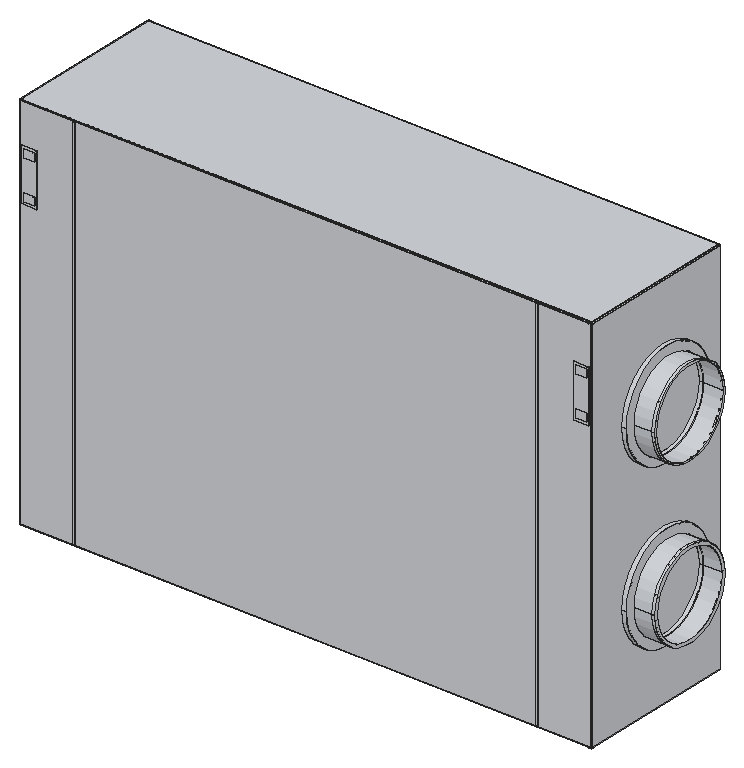
Revit family "Flexit Nordic CL 4 R E 800 L 230", category Mechanical Equipment, Revit 2018
Family settings
  Round Connector Dimension = Use Radius
  Part Type = Normal
  Work Plane-Based = No
  Always vertical = Yes
  Cut with Voids When Loaded = No
  Shared = No
  Room Calculation Point = No
Parameters
  magiProductId = "Flexit Nordic CL 4 R E 800 L 230"
  magiPartTypeId = 210
  magiFamilyGeom = MagiCAD_Flexit Nordic CL 4 R E 800 L 230 : MagiCAD_Flexit Nordic CL 4 R E 800 L 230
  Ytelse  SFP-sum vinter [instance] = "1.40 kJ/m³"
  Weight = 0.00 kg
  Vifte, tilluft  Vinter  Vifteinstilling [instance] = "58 %"
  Vifte, tilluft  Sommer  Vifteinstilling [instance] = ""
  Vifte, avtrekksluft  Vinter  Vifteinstilling [instance] = "59 %"
  Vifte, avtrekksluft  Sommer  Vifteinstilling [instance] = ""
  VersionID = "1.0/2021.0"
  Varmegjenvinning  Vinter  Komponentvirkningsgrad, tilluft (EN308) [instance] = "81.8 %"
  Varmegjenvinning  Sommer  Komponentvirkningsgrad, tilluft (EN308) [instance] = ""
  Varmegjenvinning  Sommer  Aggregatvirkningsgrad, tilluft (EN13141-7) [instance] = ""
  Uteluft [instance] = "160 mm"
  Tilluftskanal, vinter [instance] = "40 51 57 55 54 56 50 42 dB(A)"
  Tilluft  Trykkfall vinter [instance] = 100.0 Pa
  Tilluft  Luftmengde vinter [instance] = "0.0556 m³/s"
  Tilluft [instance] = "160 mm"
  Supply 1 Sound power level [instance] = "66 67 65 58 54 55 49 43 dB"
  Supply 1 Pressure drop min [instance] = 90.0 Pa
  Supply 1 Pressure drop max [instance] = 110.0 Pa
  Supply 1 Pressure drop [instance] = 100.0 Pa
  Supply 1 Airflow operation point min [instance] = 52.7778 L/s
  Supply 1 Airflow operation point max [instance] = 58.3333 L/s
  Supply 1 Airflow min [instance] = 22.0 L/s
  Supply 1 Airflow max [instance] = 113.0 L/s
  Supply 1 Airflow [instance] = 55.5556 L/s
  Resultater  Vekt [instance] = "62 kg"
  Productdata [instance] = "© MagiCAD Group, all rights reserved"
  Pressure rise, supply [instance] = 100.0 Pa
  Pressure rise, extract [instance] = 100.0 Pa
  Outdoor 1 Sound power level [instance] = "66 67 65 58 54 55 49 43 dB"
  Outdoor 1 Pressure drop min [instance] = 0.0 Pa
  Outdoor 1 Pressure drop max [instance] = 0.0 Pa
  Outdoor 1 Pressure drop [instance] = 0.0 Pa
  Outdoor 1 Airflow operation point min [instance] = 52.7778 L/s
  Outdoor 1 Airflow operation point max [instance] = 58.3333 L/s
  Outdoor 1 Airflow min [instance] = 22.0 L/s
  Outdoor 1 Airflow max [instance] = 113.0 L/s
  Outdoor 1 Airflow [instance] = 55.5556 L/s
  Omgivelse, vinter [instance] = "26 29 39 39 35 36 33 23 dB(A)"
  Kjøkkenkanal [instance] = "125 mm"
  Himling, vinter [instance] = "25 24 33 27 25 27 23 14 dB(A)"
  Generelt  Informasjon [instance] = ""
  Generelt  Beskrivelse / Plassering [instance] = ""
  Extract 9 Sound power level [instance] = "61 62 59 46 37 35 22 21 dB"
  Extract 9 Pressure drop min [instance] = 0.0 Pa
  Extract 9 Pressure drop max [instance] = 0.0 Pa
  Extract 9 Pressure drop [instance] = 0.0 Pa
  Extract 9 Airflow operation point min [instance] = 52.7778 L/s
  Extract 9 Airflow operation point max [instance] = 58.3333 L/s
  Extract 9 Airflow min [instance] = 22.0 L/s
  Extract 9 Airflow max [instance] = 113.0 L/s
  Extract 9 Airflow [instance] = 55.5556 L/s
  Extract 1 Sound power level [instance] = "61 62 59 46 37 35 22 21 dB"
  Extract 1 Pressure drop min [instance] = 90.0 Pa
  Extract 1 Pressure drop max [instance] = 110.0 Pa
  Extract 1 Pressure drop [instance] = 100.0 Pa
  Extract 1 Airflow operation point min [instance] = 52.7778 L/s
  Extract 1 Airflow operation point max [instance] = 58.3333 L/s
  Extract 1 Airflow min [instance] = 22.0 L/s
  Extract 1 Airflow max [instance] = 113.0 L/s
  Extract 1 Airflow [instance] = 55.5556 L/s
  Exhaust 1 Sound power level [instance] = "61 62 59 46 37 35 22 21 dB"
  Exhaust 1 Pressure drop min [instance] = 0.0 Pa
  Exhaust 1 Pressure drop max [instance] = 0.0 Pa
  Exhaust 1 Pressure drop [instance] = 0.0 Pa
  Exhaust 1 Airflow operation point min [instance] = 52.7778 L/s
  Exhaust 1 Airflow operation point max [instance] = 58.3333 L/s
  Exhaust 1 Airflow min [instance] = 22.0 L/s
  Exhaust 1 Airflow max [instance] = 113.0 L/s
  Exhaust 1 Airflow [instance] = 55.5556 L/s
  Dimensjoner [instance] = "1149x296x767 mm"
  Avtrekkskanal, vinter [instance] = "35 46 50 43 37 36 23 19 dB(A)"
  Avtrekk  Trykkfall vinter [instance] = 100.0 Pa
  Avtrekk  Luftmengde vinter [instance] = "0.0556 m³/s"
  Avtrekk [instance] = "160 mm"
  Avkast [instance] = "160 mm"
Reference planes
  plane 1 "Center (Front/Back)": y = 0
  plane 2: z = 0
  plane 3 "Center (Left/Right)": x = 0
Forms (mm)
  Extrusion 1, solid, not visible
    sketch origin (1149, 163, 267) x (0, 1, 0) y (0, 0, 1)
      loop
        line (15.24, 15.24) -> (-15.24, 15.24) -> (-15.24, -15.24) -> (15.24, -15.24) -> (15.24, 15.24)
    from 0 to -30.48
  Extrusion 2, solid, not visible
    sketch origin (0, 163, 567) x (0, -1, 0) y (0, 0, 1)
      loop
        line (-15.24, -15.24) -> (15.24, -15.24) -> (15.24, 15.24) -> (-15.24, 15.24) -> (-15.24, -15.24)
    from 0 to -30.48
  Extrusion 3, solid, not visible
    sketch origin (1149, 163, 567) x (0, 1, 0) y (0, 0, 1)
      loop
        line (15.24, 15.24) -> (-15.24, 15.24) -> (-15.24, -15.24) -> (15.24, -15.24) -> (15.24, 15.24)
    from 0 to -30.48
  Extrusion 4, solid, not visible
    sketch origin (288, 163, 0) x (0, 1, 0) y (1, 0, 0)
      loop
        line (-15.24, 15.24) -> (-15.24, -15.24) -> (15.24, -15.24) -> (15.24, 15.24) -> (-15.24, 15.24)
    from 0 to -30.48
  Extrusion 5, solid, not visible
    sketch origin (0, 163, 267) x (0, -1, 0) y (0, 0, 1)
      loop
        line (-15.24, -15.24) -> (15.24, -15.24) -> (15.24, 15.24) -> (-15.24, 15.24) -> (-15.24, -15.24)
    from 0 to -30.48
Text (mm)
  text "© MagiCAD Group, all rights reserved" at (-487.68, -1524, 0), in view "Ref. Level"
Nested families
  nested 1: "MagiCAD_Flexit Nordic CL 4 R E 800 L 230" at (0, 0, 0), type <- "magiFamilyGeom", type "MagiCAD_Flexit Nordic CL 4 R E 800 L 230"
Connectors
  hvac at (1149, 163, 267)
    settings: on Extrusion 1, index 1, duct flow 0.0 L/s, flow factor 0, pres drop 0.0 Pa, loss coef 0, conn angle 0.00°, conn width 304.8 mm, conn height 304.8 mm, conn diameter 160 mm, duct sys type 1, conn prof type 0, flow config 0, flow direction 2, loss method 0, conn ref index -1, conn util no, is conn primary yes, conn desc "Supply 1"
  hvac at (0, 163, 567)
    settings: on Extrusion 2, index 2, duct flow 0.0 L/s, flow factor 0, pres drop 0.0 Pa, loss coef 0, conn angle 0.00°, conn width 304.8 mm, conn height 304.8 mm, conn diameter 160 mm, duct sys type 1, conn prof type 0, flow config 0, flow direction 1, loss method 0, conn ref index -1, conn util no, is conn primary no, conn desc "Outdoor 1"
  hvac at (1149, 163, 567)
    settings: on Extrusion 3, index 3, duct flow 0.0 L/s, flow factor 0, pres drop 0.0 Pa, loss coef 0, conn angle 0.00°, conn width 304.8 mm, conn height 304.8 mm, conn diameter 160 mm, duct sys type 2, conn prof type 0, flow config 0, flow direction 1, loss method 0, conn ref index -1, conn util no, is conn primary no, conn desc "Extract 1"
  hvac at (288, 163, 0)
    settings: on Extrusion 4, index 4, duct flow 0.0 L/s, flow factor 0, pres drop 0.0 Pa, loss coef 0, conn angle 0.00°, conn width 304.8 mm, conn height 304.8 mm, conn diameter 125 mm, duct sys type 2, conn prof type 0, flow config 0, flow direction 1, loss method 0, conn ref index -1, conn util no, is conn primary no, conn desc "Extract 9"
  hvac at (0, 163, 267)
    settings: on Extrusion 5, index 5, duct flow 0.0 L/s, flow factor 0, pres drop 0.0 Pa, loss coef 0, conn angle 0.00°, conn width 304.8 mm, conn height 304.8 mm, conn diameter 160 mm, duct sys type 3, conn prof type 0, flow config 0, flow direction 2, loss method 0, conn ref index -1, conn util no, is conn primary no, conn desc "Exhaust 1"
Definition of nested family "MagiCAD_Flexit Nordic CL 4 R E 800 L 230"
  Reference planes
    plane 1 "Center (Front/Back)": y = 0
    plane 2: z = 0
    plane 3 "Center (Left/Right)": x = 0
  Forms (mm)
    Extrusion 1, solid
      sketch origin (49.5, 163, 267) x (0, -1, 0) y (0, 0, 1)
        loop
          circle (0, 0) r 79.9
      from 0 to 2
    Extrusion 2, void
      sketch origin (49.5, 163, 267) x (0, -1, 0) y (0, 0, 1)
        loop
          circle (0, 0) r 79.7
      from 0.2 to 2
    Extrusion 3, solid
      sketch origin (49.5, 163, 267) x (0, -1, 0) y (0, 0, 1)
        loop
          circle (0, 0) r 80
      from 0 to 49.5
    Extrusion 4, void
      sketch origin (49.5, 163, 267) x (0, -1, 0) y (0, 0, 1)
        loop
          circle (0, 0) r 79.8
      from 0 to 49.5
    Extrusion 5, solid
      sketch origin (49.5, 163, 267) x (0, -1, 0) y (0, 0, 1)
        loop
          circle (0, 0) r 96
      from 0 to 10
    Extrusion 6, void
      sketch origin (49.5, 163, 267) x (0, -1, 0) y (0, 0, 1)
        loop
          circle (0, 0) r 95.8
      from 0 to 10
    Extrusion 7, solid
      sketch origin (4.95, 163, 267) x (0, -1, 0) y (0, 0, 1)
        loop
          circle (0, 0) r 80.05
      from 0 to 4.95
    Extrusion 8, void
      sketch origin (4.95, 163, 267) x (0, -1, 0) y (0, 0, 1)
        loop
          circle (0, 0) r 79.85
      from 0 to 4.95
    Extrusion 9, solid
      sketch origin (1099.5, 163, 567) x (0, 1, 0) y (0, 0, 1)
        loop
          circle (0, 0) r 79.9
      from 0 to 2
    Extrusion 10, void
      sketch origin (1099.5, 163, 567) x (0, 1, 0) y (0, 0, 1)
        loop
          circle (0, 0) r 79.7
      from 0.2 to 2
    Extrusion 11, solid
      sketch origin (1099.5, 163, 567) x (0, 1, 0) y (0, 0, 1)
        loop
          circle (0, 0) r 80
      from 0 to 49.5
    Extrusion 12, void
      sketch origin (1099.5, 163, 567) x (0, 1, 0) y (0, 0, 1)
        loop
          circle (0, 0) r 79.8
      from 0 to 49.5
    Extrusion 13, solid
      sketch origin (1099.5, 163, 567) x (0, 1, 0) y (0, 0, 1)
        loop
          circle (0, 0) r 96
      from 0 to 10
    Extrusion 14, void
      sketch origin (1099.5, 163, 567) x (0, 1, 0) y (0, 0, 1)
        loop
          circle (0, 0) r 95.8
      from 0 to 10
    Extrusion 15, solid
      sketch origin (1144.05, 163, 567) x (0, 1, 0) y (0, 0, 1)
        loop
          circle (0, 0) r 80.05
      from 0 to 4.95
    Extrusion 16, void
      sketch origin (1144.05, 163, 567) x (0, 1, 0) y (0, 0, 1)
        loop
          circle (0, 0) r 79.85
      from 0 to 4.95
    Extrusion 17, solid
      sketch origin (49.5, 163, 567) x (0, -1, 0) y (0, 0, 1)
        loop
          circle (0, 0) r 79.9
      from 0 to 2
    Extrusion 18, void
      sketch origin (49.5, 163, 567) x (0, -1, 0) y (0, 0, 1)
        loop
          circle (0, 0) r 79.7
      from 0.2 to 2
    Extrusion 19, solid
      sketch origin (49.5, 163, 567) x (0, -1, 0) y (0, 0, 1)
        loop
          circle (0, 0) r 80
      from 0 to 49.5
    Extrusion 20, void
      sketch origin (49.5, 163, 567) x (0, -1, 0) y (0, 0, 1)
        loop
          circle (0, 0) r 79.8
      from 0 to 49.5
    Extrusion 21, solid
      sketch origin (49.5, 163, 567) x (0, -1, 0) y (0, 0, 1)
        loop
          circle (0, 0) r 96
      from 0 to 10
    Extrusion 22, void
      sketch origin (49.5, 163, 567) x (0, -1, 0) y (0, 0, 1)
        loop
          circle (0, 0) r 95.8
      from 0 to 10
    Extrusion 23, solid
      sketch origin (4.95, 163, 567) x (0, -1, 0) y (0, 0, 1)
        loop
          circle (0, 0) r 80.05
      from 0 to 4.95
    Extrusion 24, void
      sketch origin (4.95, 163, 567) x (0, -1, 0) y (0, 0, 1)
        loop
          circle (0, 0) r 79.85
      from 0 to 4.95
    Extrusion 25, solid
      sketch origin (1099.5, 163, 267) x (0, 1, 0) y (0, 0, 1)
        loop
          circle (0, 0) r 79.9
      from 0 to 2
    Extrusion 26, void
      sketch origin (1099.5, 163, 267) x (0, 1, 0) y (0, 0, 1)
        loop
          circle (0, 0) r 79.7
      from 0.2 to 2
    Extrusion 27, solid
      sketch origin (1099.5, 163, 267) x (0, 1, 0) y (0, 0, 1)
        loop
          circle (0, 0) r 80
      from 0 to 49.5
    Extrusion 28, void
      sketch origin (1099.5, 163, 267) x (0, 1, 0) y (0, 0, 1)
        loop
          circle (0, 0) r 79.8
      from 0 to 49.5
    Extrusion 29, solid
      sketch origin (1099.5, 163, 267) x (0, 1, 0) y (0, 0, 1)
        loop
          circle (0, 0) r 96
      from 0 to 10
    Extrusion 30, void
      sketch origin (1099.5, 163, 267) x (0, 1, 0) y (0, 0, 1)
        loop
          circle (0, 0) r 95.8
      from 0 to 10
    Extrusion 31, solid
      sketch origin (1144.05, 163, 267) x (0, 1, 0) y (0, 0, 1)
        loop
          circle (0, 0) r 80.05
      from 0 to 4.95
    Extrusion 32, void
      sketch origin (1144.05, 163, 267) x (0, 1, 0) y (0, 0, 1)
        loop
          circle (0, 0) r 79.85
      from 0 to 4.95
    Extrusion 33, solid
      sketch origin (288, 163, 67) x (0, 1, 0) y (1, 0, 0)
        loop
          circle (0, 0) r 62.4
      from 0 to 2
    Extrusion 34, void
      sketch origin (288, 163, 67) x (0, 1, 0) y (1, 0, 0)
        loop
          circle (0, 0) r 62.2
      from 0.2 to 2
    Extrusion 35, solid
      sketch origin (288, 163, 67) x (0, 1, 0) y (1, 0, 0)
        loop
          circle (0, 0) r 62.5
      from 0 to 67
    Extrusion 36, void
      sketch origin (288, 163, 67) x (0, 1, 0) y (1, 0, 0)
        loop
          circle (0, 0) r 62.3
      from 0 to 67
    Extrusion 37, solid
      sketch origin (288, 163, 67) x (0, 1, 0) y (1, 0, 0)
        loop
          circle (0, 0) r 75
      from 0 to 10
    Extrusion 38, void
      sketch origin (288, 163, 67) x (0, 1, 0) y (1, 0, 0)
        loop
          circle (0, 0) r 74.8
      from 0 to 10
    Extrusion 39, solid
      sketch origin (288, 163, 6.7) x (0, 1, 0) y (1, 0, 0)
        loop
          circle (0, 0) r 62.55
      from 0 to 6.7
    Extrusion 40, void
      sketch origin (288, 163, 6.7) x (0, 1, 0) y (1, 0, 0)
        loop
          circle (0, 0) r 62.35
      from 0 to 6.7
    Extrusion 41, solid
      sketch origin (39.5, 163, 267) x (0, -1, 0) y (0, 0, 1)
        loop
          circle (0, 0) r 80.05
        loop
          circle (0, 0) r 96
      from -0.1 to 0.1
    Extrusion 42, solid
      sketch origin (47.5, 163, 267) x (0, -1, 0) y (0, 0, 1)
        loop
          circle (0, 0) r 79.9
      from -0.1 to 0.1
    Extrusion 43, solid
      sketch origin (0, 163, 267) x (0, -1, 0) y (0, 0, 1)
        loop
          circle (0, 0) r 78
        loop
          circle (0, 0) r 80
      from -0.1 to 0.1
    Extrusion 44, solid
      sketch origin (1109.5, 163, 567) x (0, 1, 0) y (0, 0, 1)
        loop
          circle (0, 0) r 80.05
        loop
          circle (0, 0) r 96
      from -0.1 to 0.1
    Extrusion 45, solid
      sketch origin (1101.5, 163, 567) x (0, 1, 0) y (0, 0, 1)
        loop
          circle (0, 0) r 79.9
      from -0.1 to 0.1
    Extrusion 46, solid
      sketch origin (1149, 163, 567) x (0, 1, 0) y (0, 0, 1)
        loop
          circle (0, 0) r 78
        loop
          circle (0, 0) r 80
      from -0.1 to 0.1
    Extrusion 47, solid
      sketch origin (39.5, 163, 567) x (0, -1, 0) y (0, 0, 1)
        loop
          circle (0, 0) r 80.05
        loop
          circle (0, 0) r 96
      from -0.1 to 0.1
    Extrusion 48, solid
      sketch origin (47.5, 163, 567) x (0, -1, 0) y (0, 0, 1)
        loop
          circle (0, 0) r 79.9
      from -0.1 to 0.1
    Extrusion 49, solid
      sketch origin (0, 163, 567) x (0, -1, 0) y (0, 0, 1)
        loop
          circle (0, 0) r 78
        loop
          circle (0, 0) r 80
      from -0.1 to 0.1
    Extrusion 50, solid
      sketch origin (1109.5, 163, 267) x (0, 1, 0) y (0, 0, 1)
        loop
          circle (0, 0) r 80.05
        loop
          circle (0, 0) r 96
      from -0.1 to 0.1
    Extrusion 51, solid
      sketch origin (1101.5, 163, 267) x (0, 1, 0) y (0, 0, 1)
        loop
          circle (0, 0) r 79.9
      from -0.1 to 0.1
    Extrusion 52, solid
      sketch origin (1149, 163, 267) x (0, 1, 0) y (0, 0, 1)
        loop
          circle (0, 0) r 75.05
        loop
          circle (0, 0) r 80
      from -0.1 to 0.1
    Extrusion 53, solid
      sketch origin (288, 163, 57) x (0, 1, 0) y (1, 0, 0)
        loop
          circle (0, 0) r 62.55
        loop
          circle (0, 0) r 75
      from -0.1 to 0.1
    Extrusion 54, solid
      sketch origin (288, 163, 65) x (0, 1, 0) y (1, 0, 0)
        loop
          circle (0, 0) r 62.4
      from -0.1 to 0.1
    Extrusion 55, solid
      sketch origin (288, 163, 0) x (0, 1, 0) y (1, 0, 0)
        loop
          circle (0, 0) r 60.5
        loop
          circle (0, 0) r 62.5
      from -0.1 to 0.1
    Extrusion 56, solid
      sketch origin (51.5, 294, 765) x (1, 0, 0) y (0, 1, 0)
        loop
          line (1046, 0) -> (1046, 2) -> (0, 2) -> (0, 0) -> (1046, 0)
      from -0.1 to 0.1
    Extrusion 57, solid
      sketch origin (51.5, 294, 767) x (0, 0, 1) y (1, 0, 0)
        loop
          line (0, 1046) -> (-2, 1046) -> (-2, 0) -> (0, 0) -> (0, 1046)
      from -0.1 to 0.1
    Extrusion 58, solid
      sketch origin (51.5, 296, 765) x (1, 0, 0) y (0, -0.707107, 0.707107)
        loop
          line (1046, 0) -> (1046, 2.828) -> (0, 2.828) -> (0, 0) -> (1046, 0)
      from -0.1 to 0.1
    Extrusion 59, solid
      sketch origin (1097.5, 294, 765) x (0, 1, 0) y (0, 0, 1)
        loop
          line (2, 0) -> (0, 2) -> (0, 0) -> (2, 0)
      from -0.1 to 0.1
    Extrusion 60, solid
      sketch origin (51.5, 294, 765) x (0, 1, 0) y (0, 0, 1)
        loop
          line (2, 0) -> (0, 2) -> (0, 0) -> (2, 0)
      from -0.1 to 0.1
    Extrusion 61, solid
      sketch origin (51.5, 294, 69) x (0, 0, 1) y (1, 0, 0)
        loop
          line (0, 1046) -> (-2, 1046) -> (-2, 0) -> (0, 0) -> (0, 1046)
      from -0.1 to 0.1
    Extrusion 62, solid
      sketch origin (51.5, 296, 69) x (0, 1, 0) y (1, 0, 0)
        loop
          line (0, 1046) -> (-2, 1046) -> (-2, 0) -> (0, 0) -> (0, 1046)
      from -0.1 to 0.1
    Extrusion 63, solid
      sketch origin (51.5, 294, 67) x (1, 0, 0) y (0, 0.707107, 0.707107)
        loop
          line (1046, 0) -> (1046, 2.828) -> (0, 2.828) -> (0, 0) -> (1046, 0)
      from -0.1 to 0.1
    Extrusion 64, solid
      sketch origin (1097.5, 294, 69) x (0, 1, 0) y (0, 0, 1)
        loop
          line (0, -2) -> (2, 0) -> (0, 0) -> (0, -2)
      from -0.1 to 0.1
    Extrusion 65, solid
      sketch origin (51.5, 294, 69) x (0, 1, 0) y (0, 0, 1)
        loop
          line (0, -2) -> (2, 0) -> (0, 0) -> (0, -2)
      from -0.1 to 0.1
    Extrusion 66, solid
      sketch origin (1097.5, 294, 765) x (0, 1, 0) y (0, 0, 1)
        loop
          line (0, -696) -> (2, -696) -> (2, 0) -> (0, 0) -> (0, -696)
      from -0.1 to 0.1
    Extrusion 67, solid
      sketch origin (1099.5, 294, 765) x (0, 0, 1) y (1, 0, 0)
        loop
          line (-696, 0) -> (-696, -2) -> (0, -2) -> (0, 0) -> (-696, 0)
      from -0.1 to 0.1
    Extrusion 68, solid
      sketch origin (1097.5, 296, 765) x (0.707107, -0.707107, 0) y (0, 0, 1)
        loop
          line (0, -696) -> (2.828, -696) -> (2.828, 0) -> (0, 0) -> (0, -696)
      from -0.1 to 0.1
    Extrusion 69, solid
      sketch origin (1097.5, 294, 69) x (0, 1, 0) y (1, 0, 0)
        loop
          line (2, 0) -> (0, 2) -> (0, 0) -> (2, 0)
      from -0.1 to 0.1
    Extrusion 70, solid
      sketch origin (1097.5, 294, 765) x (0, 1, 0) y (1, 0, 0)
        loop
          line (2, 0) -> (0, 2) -> (0, 0) -> (2, 0)
      from -0.1 to 0.1
    Extrusion 71, solid
      sketch origin (51.5, 294, 765) x (0, 1, 0) y (0, 0, 1)
        loop
          line (0, -696) -> (2, -696) -> (2, 0) -> (0, 0) -> (0, -696)
      from -0.1 to 0.1
    Extrusion 72, solid
      sketch origin (49.5, 294, 765) x (0, 0, -1) y (1, 0, 0)
        loop
          line (696, 0) -> (696, 2) -> (0, 2) -> (0, 0) -> (696, 0)
      from -0.1 to 0.1
    Extrusion 73, solid
      sketch origin (51.5, 296, 765) x (0.707107, 0.707107, 0) y (0, 0, -1)
        loop
          line (0, 696) -> (-2.828, 696) -> (-2.828, 0) -> (0, 0) -> (0, 696)
      from -0.1 to 0.1
    Extrusion 74, solid
      sketch origin (51.5, 294, 69) x (1, 0, 0) y (0, 1, 0)
        loop
          line (0, 2) -> (-2, 0) -> (0, 0) -> (0, 2)
      from -0.1 to 0.1
    Extrusion 75, solid
      sketch origin (51.5, 294, 765) x (1, 0, 0) y (0, 1, 0)
        loop
          line (0, 2) -> (-2, 0) -> (0, 0) -> (0, 2)
      from -0.1 to 0.1
    Extrusion 76, solid
      sketch origin (1097.5, 2, 765) x (0, 0, -1) y (1, 0, 0)
        loop
          line (696, 0) -> (696, 2) -> (0, 2) -> (0, 0) -> (696, 0)
      from -0.1 to 0.1
    Extrusion 77, solid
      sketch origin (1097.5, 0, 765) x (0, 1, 0) y (0, 0, 1)
        loop
          line (0, -696) -> (2, -696) -> (2, 0) -> (0, 0) -> (0, -696)
      from -0.1 to 0.1
    Extrusion 78, solid
      sketch origin (1099.5, 2, 765) x (0.707107, 0.707107, 0) y (0, 0, -1)
        loop
          line (0, 696) -> (-2.828, 696) -> (-2.828, 0) -> (0, 0) -> (0, 696)
      from -0.1 to 0.1
    Extrusion 79, solid
      sketch origin (1097.5, 2, 69) x (0, 1, 0) y (1, 0, 0)
        loop
          line (0, 2) -> (-2, 0) -> (0, 0) -> (0, 2)
      from -0.1 to 0.1
    Extrusion 80, solid
      sketch origin (1097.5, 2, 765) x (0, 1, 0) y (1, 0, 0)
        loop
          line (0, 2) -> (-2, 0) -> (0, 0) -> (0, 2)
      from -0.1 to 0.1
    Extrusion 81, solid
      sketch origin (51.5, 2, 765) x (0, 0, 1) y (1, 0, 0)
        loop
          line (-696, 0) -> (-696, -2) -> (0, -2) -> (0, 0) -> (-696, 0)
      from -0.1 to 0.1
    Extrusion 82, solid
      sketch origin (51.5, 0, 765) x (0, 1, 0) y (0, 0, 1)
        loop
          line (0, -696) -> (2, -696) -> (2, 0) -> (0, 0) -> (0, -696)
      from -0.1 to 0.1
    Extrusion 83, solid
      sketch origin (49.5, 2, 765) x (0.707107, -0.707107, 0) y (0, 0, 1)
        loop
          line (0, -696) -> (2.828, -696) -> (2.828, 0) -> (0, 0) -> (0, -696)
      from -0.1 to 0.1
    Extrusion 84, solid
      sketch origin (51.5, 2, 69) x (1, 0, 0) y (0, 1, 0)
        loop
          line (-2, 0) -> (0, -2) -> (0, 0) -> (-2, 0)
      from -0.1 to 0.1
    Extrusion 85, solid
      sketch origin (51.5, 2, 765) x (1, 0, 0) y (0, 1, 0)
        loop
          line (-2, 0) -> (0, -2) -> (0, 0) -> (-2, 0)
      from -0.1 to 0.1
    Extrusion 86, solid
      sketch origin (51.5, 2, 765) x (0, 0, -1) y (1, 0, 0)
        loop
          line (0, 1046) -> (-2, 1046) -> (-2, 0) -> (0, 0) -> (0, 1046)
      from -0.1 to 0.1
    Extrusion 87, solid
      sketch origin (51.5, 0, 765) x (1, 0, 0) y (0, 1, 0)
        loop
          line (1046, 0) -> (1046, 2) -> (0, 2) -> (0, 0) -> (1046, 0)
      from -0.1 to 0.1
    Extrusion 88, solid
      sketch origin (51.5, 2, 767) x (1, 0, 0) y (0, -0.707107, -0.707107)
        loop
          line (1046, 0) -> (1046, 2.828) -> (0, 2.828) -> (0, 0) -> (1046, 0)
      from -0.1 to 0.1
    Extrusion 89, solid
      sketch origin (1097.5, 2, 765) x (0, 1, 0) y (0, 0, 1)
        loop
          line (0, 2) -> (-2, 0) -> (0, 0) -> (0, 2)
      from -0.1 to 0.1
    Extrusion 90, solid
      sketch origin (51.5, 2, 765) x (0, 1, 0) y (0, 0, 1)
        loop
          line (0, 2) -> (-2, 0) -> (0, 0) -> (0, 2)
      from -0.1 to 0.1
    Extrusion 91, solid
      sketch origin (51.5, 2, 69) x (0, 1, 0) y (1, 0, 0)
        loop
          line (0, 1046) -> (-2, 1046) -> (-2, 0) -> (0, 0) -> (0, 1046)
      from -0.1 to 0.1
    Extrusion 92, solid
      sketch origin (51.5, 2, 67) x (0, 0, -1) y (1, 0, 0)
        loop
          line (0, 1046) -> (-2, 1046) -> (-2, 0) -> (0, 0) -> (0, 1046)
      from -0.1 to 0.1
    Extrusion 93, solid
      sketch origin (51.5, 0, 69) x (1, 0, 0) y (0, 0.707107, -0.707107)
        loop
          line (1046, 0) -> (1046, 2.828) -> (0, 2.828) -> (0, 0) -> (1046, 0)
      from -0.1 to 0.1
    Extrusion 94, solid
      sketch origin (1097.5, 2, 69) x (0, 1, 0) y (0, 0, 1)
        loop
          line (-2, 0) -> (0, -2) -> (0, 0) -> (-2, 0)
      from -0.1 to 0.1
    Extrusion 95, solid
      sketch origin (51.5, 2, 69) x (0, 1, 0) y (0, 0, 1)
        loop
          line (-2, 0) -> (0, -2) -> (0, 0) -> (-2, 0)
      from -0.1 to 0.1
    Extrusion 96, solid
      sketch origin (1097.5, 2, 765) x (0, 1, 0) y (0, 0, 1)
        loop
          line (292, 0) -> (292, 2) -> (0, 2) -> (0, 0) -> (292, 0)
      from -0.1 to 0.1
    Extrusion 97, solid
      sketch origin (1099.5, 2, 765) x (1, 0, 0) y (0, 1, 0)
        loop
          line (0, 292) -> (-2, 292) -> (-2, 0) -> (0, 0) -> (0, 292)
      from -0.1 to 0.1
    Extrusion 98, solid
      sketch origin (1097.5, 2, 767) x (0.707107, 0, -0.707107) y (0, -1, 0)
        loop
          line (0, -292) -> (2.828, -292) -> (2.828, 0) -> (0, 0) -> (0, -292)
      from -0.1 to 0.1
    Extrusion 99, solid
      sketch origin (1097.5, 294, 765) x (0, 0, 1) y (1, 0, 0)
        loop
          line (2, 0) -> (0, 2) -> (0, 0) -> (2, 0)
      from -0.1 to 0.1
    Extrusion 100, solid
      sketch origin (1097.5, 2, 765) x (0, 0, 1) y (1, 0, 0)
        loop
          line (2, 0) -> (0, 2) -> (0, 0) -> (2, 0)
      from -0.1 to 0.1
    Extrusion 101, solid
      sketch origin (1097.5, 2, 69) x (0, 1, 0) y (1, 0, 0)
        loop
          line (292, 0) -> (292, 2) -> (0, 2) -> (0, 0) -> (292, 0)
      from -0.1 to 0.1
    Extrusion 102, solid
      sketch origin (1097.5, 2, 67) x (0, 1, 0) y (0, 0, 1)
        loop
          line (292, 0) -> (292, 2) -> (0, 2) -> (0, 0) -> (292, 0)
      from -0.1 to 0.1
    Extrusion 103, solid
      sketch origin (1099.5, 2, 69) x (0.707107, 0, 0.707107) y (0, 1, 0)
        loop
          line (0, 292) -> (-2.828, 292) -> (-2.828, 0) -> (0, 0) -> (0, 292)
      from -0.1 to 0.1
    Extrusion 104, solid
      sketch origin (1097.5, 294, 69) x (0, 0, 1) y (1, 0, 0)
        loop
          line (0, 2) -> (-2, 0) -> (0, 0) -> (0, 2)
      from -0.1 to 0.1
    Extrusion 105, solid
      sketch origin (1097.5, 2, 69) x (0, 0, 1) y (1, 0, 0)
        loop
          line (0, 2) -> (-2, 0) -> (0, 0) -> (0, 2)
      from -0.1 to 0.1
    Extrusion 106, solid
      sketch origin (51.5, 2, 765) x (0, 1, 0) y (0, 0, 1)
        loop
          line (292, 0) -> (292, 2) -> (0, 2) -> (0, 0) -> (292, 0)
      from -0.1 to 0.1
    Extrusion 107, solid
      sketch origin (49.5, 2, 765) x (0, 1, 0) y (1, 0, 0)
        loop
          line (292, 0) -> (292, 2) -> (0, 2) -> (0, 0) -> (292, 0)
      from -0.1 to 0.1
    Extrusion 108, solid
      sketch origin (51.5, 2, 767) x (0.707107, 0, 0.707107) y (0, 1, 0)
        loop
          line (0, 292) -> (-2.828, 292) -> (-2.828, 0) -> (0, 0) -> (0, 292)
      from -0.1 to 0.1
    Extrusion 109, solid
      sketch origin (51.5, 294, 765) x (0, 0, -1) y (1, 0, 0)
        loop
          line (-2, 0) -> (0, -2) -> (0, 0) -> (-2, 0)
      from -0.1 to 0.1
    Extrusion 110, solid
      sketch origin (51.5, 2, 765) x (0, 0, -1) y (1, 0, 0)
        loop
          line (-2, 0) -> (0, -2) -> (0, 0) -> (-2, 0)
      from -0.1 to 0.1
    Extrusion 111, solid
      sketch origin (51.5, 2, 69) x (1, 0, 0) y (0, 1, 0)
        loop
          line (0, 292) -> (-2, 292) -> (-2, 0) -> (0, 0) -> (0, 292)
      from -0.1 to 0.1
    Extrusion 112, solid
      sketch origin (51.5, 2, 67) x (0, 1, 0) y (0, 0, 1)
        loop
          line (292, 0) -> (292, 2) -> (0, 2) -> (0, 0) -> (292, 0)
      from -0.1 to 0.1
    Extrusion 113, solid
      sketch origin (49.5, 2, 69) x (0.707107, 0, -0.707107) y (0, -1, 0)
        loop
          line (0, -292) -> (2.828, -292) -> (2.828, 0) -> (0, 0) -> (0, -292)
      from -0.1 to 0.1
    Extrusion 114, solid
      sketch origin (51.5, 294, 69) x (0, 0, -1) y (1, 0, 0)
        loop
          line (0, -2) -> (2, 0) -> (0, 0) -> (0, -2)
      from -0.1 to 0.1
    Extrusion 115, solid
      sketch origin (51.5, 2, 69) x (0, 0, -1) y (1, 0, 0)
        loop
          line (0, -2) -> (2, 0) -> (0, 0) -> (0, -2)
      from -0.1 to 0.1
    Extrusion 116, solid
      sketch origin (51.5, 2, 765) x (0, -1, 0) y (0, 0, 1)
        loop
          line (0, 2) -> (-292, 2) -> (-292, 0) -> (0, 0) -> (0, 2)
      from -0.1 to 0.1
    Extrusion 117, solid
      sketch origin (1097.5, 2, 765) x (0, 0, -1) y (1, 0, 0)
        loop
          line (-2, 0) -> (-2, -1046) -> (0, -1046) -> (0, 0) -> (-2, 0)
      from -0.1 to 0.1
    Extrusion 118, solid
      sketch origin (1097.5, 294, 765) x (0, 1, 0) y (0, 0, 1)
        loop
          line (0, 2) -> (-292, 2) -> (-292, 0) -> (0, 0) -> (0, 2)
      from -0.1 to 0.1
    Extrusion 119, solid
      sketch origin (51.5, 294, 765) x (0, 0, 1) y (1, 0, 0)
        loop
          line (2, 0) -> (2, 1046) -> (0, 1046) -> (0, 0) -> (2, 0)
      from -0.1 to 0.1
    Extrusion 120, solid
      sketch origin (1097.5, 2, 767) x (1, 0, 0) y (0, 1, 0)
        loop
          line (0, 292) -> (-1046, 292) -> (-1046, 0) -> (0, 0) -> (0, 292)
      from -0.1 to 0.1
    Extrusion 121, solid
      sketch origin (1097.5, 2, 765) x (1, 0, 0) y (0, 1, 0)
        loop
          line (0, 292) -> (-1046, 292) -> (-1046, 0) -> (0, 0) -> (0, 292)
      from -0.1 to 0.1
    Extrusion 122, solid
      sketch origin (51.5, 2, 69) x (0, 0, 1) y (1, 0, 0)
        loop
          line (0, -2) -> (696, -2) -> (696, 0) -> (0, 0) -> (0, -2)
      from -0.1 to 0.1
    Extrusion 123, solid
      sketch origin (51.5, 294, 69) x (1, 0, 0) y (0, 1, 0)
        loop
          line (-2, 0) -> (-2, -292) -> (0, -292) -> (0, 0) -> (-2, 0)
      from -0.1 to 0.1
    Extrusion 124, solid
      sketch origin (51.5, 294, 765) x (0, 0, -1) y (1, 0, 0)
        loop
          line (0, -2) -> (696, -2) -> (696, 0) -> (0, 0) -> (0, -2)
      from -0.1 to 0.1
    Extrusion 125, solid
      sketch origin (51.5, 2, 765) x (0, 1, 0) y (1, 0, 0)
        loop
          line (0, -2) -> (292, -2) -> (292, 0) -> (0, 0) -> (0, -2)
      from -0.1 to 0.1
    Extrusion 126, solid
      sketch origin (49.5, 2, 69) x (0, -1, 0) y (0, 0, 1)
        loop
          line (0, 696) -> (-292, 696) -> (-292, 0) -> (0, 0) -> (0, 696)
      from -0.1 to 0.1
    Extrusion 127, solid
      sketch origin (51.5, 2, 69) x (0, -1, 0) y (0, 0, 1)
        loop
          line (0, 696) -> (-292, 696) -> (-292, 0) -> (0, 0) -> (0, 696)
      from -0.1 to 0.1
    Extrusion 128, solid
      sketch origin (51.5, 294, 69) x (0, 1, 0) y (0, 0, 1)
        loop
          line (2, 0) -> (2, 696) -> (0, 696) -> (0, 0) -> (2, 0)
      from -0.1 to 0.1
    Extrusion 129, solid
      sketch origin (1097.5, 294, 69) x (1, 0, 0) y (0, 1, 0)
        loop
          line (0, 2) -> (-1046, 2) -> (-1046, 0) -> (0, 0) -> (0, 2)
      from -0.1 to 0.1
    Extrusion 130, solid
      sketch origin (1097.5, 294, 765) x (0, -1, 0) y (0, 0, 1)
        loop
          line (-2, 0) -> (-2, -696) -> (0, -696) -> (0, 0) -> (-2, 0)
      from -0.1 to 0.1
    Extrusion 131, solid
      sketch origin (51.5, 294, 765) x (0, 1, 0) y (1, 0, 0)
        loop
          line (2, 0) -> (2, 1046) -> (0, 1046) -> (0, 0) -> (2, 0)
      from -0.1 to 0.1
    Extrusion 132, solid
      sketch origin (51.5, 296, 69) x (0, 0, 1) y (1, 0, 0)
        loop
          line (696, 0) -> (696, 1046) -> (0, 1046) -> (0, 0) -> (696, 0)
      from -0.1 to 0.1
    Extrusion 133, solid
      sketch origin (51.5, 294, 69) x (0, 0, 1) y (1, 0, 0)
        loop
          line (696, 0) -> (696, 1046) -> (0, 1046) -> (0, 0) -> (696, 0)
      from -0.1 to 0.1
    Extrusion 134, solid
      sketch origin (1097.5, 294, 69) x (0, 0, -1) y (1, 0, 0)
        loop
          line (0, 2) -> (-696, 2) -> (-696, 0) -> (0, 0) -> (0, 2)
      from -0.1 to 0.1
    Extrusion 135, solid
      sketch origin (1097.5, 2, 69) x (1, 0, 0) y (0, 1, 0)
        loop
          line (2, 0) -> (2, 292) -> (0, 292) -> (0, 0) -> (2, 0)
      from -0.1 to 0.1
    Extrusion 136, solid
      sketch origin (1097.5, 2, 765) x (0, 0, 1) y (1, 0, 0)
        loop
          line (0, 2) -> (-696, 2) -> (-696, 0) -> (0, 0) -> (0, 2)
      from -0.1 to 0.1
    Extrusion 137, solid
      sketch origin (1097.5, 294, 765) x (0, 1, 0) y (1, 0, 0)
        loop
          line (0, 2) -> (-292, 2) -> (-292, 0) -> (0, 0) -> (0, 2)
      from -0.1 to 0.1
    Extrusion 138, solid
      sketch origin (1099.5, 294, 69) x (0, 1, 0) y (0, 0, 1)
        loop
          line (0, 696) -> (-292, 696) -> (-292, 0) -> (0, 0) -> (0, 696)
      from -0.1 to 0.1
    Extrusion 139, solid
      sketch origin (1097.5, 294, 69) x (0, 1, 0) y (0, 0, 1)
        loop
          line (0, 696) -> (-292, 696) -> (-292, 0) -> (0, 0) -> (0, 696)
      from -0.1 to 0.1
    Extrusion 140, solid
      sketch origin (51.5, 2, 69) x (0, 1, 0) y (0, 0, 1)
        loop
          line (0, -2) -> (292, -2) -> (292, 0) -> (0, 0) -> (0, -2)
      from -0.1 to 0.1
    Extrusion 141, solid
      sketch origin (1097.5, 2, 69) x (0, 0, 1) y (1, 0, 0)
        loop
          line (-2, 0) -> (-2, -1046) -> (0, -1046) -> (0, 0) -> (-2, 0)
      from -0.1 to 0.1
    Extrusion 142, solid
      sketch origin (1097.5, 294, 69) x (0, -1, 0) y (0, 0, 1)
        loop
          line (0, -2) -> (292, -2) -> (292, 0) -> (0, 0) -> (0, -2)
      from -0.1 to 0.1
    Extrusion 143, solid
      sketch origin (51.5, 294, 69) x (0, 0, -1) y (1, 0, 0)
        loop
          line (2, 0) -> (2, 1046) -> (0, 1046) -> (0, 0) -> (2, 0)
      from -0.1 to 0.1
    Extrusion 144, solid
      sketch origin (51.5, 2, 67) x (0, 1, 0) y (1, 0, 0)
        loop
          line (292, 0) -> (292, 1046) -> (0, 1046) -> (0, 0) -> (292, 0)
      from -0.1 to 0.1
    Extrusion 145, solid
      sketch origin (51.5, 2, 69) x (0, 1, 0) y (1, 0, 0)
        loop
          line (292, 0) -> (292, 1046) -> (0, 1046) -> (0, 0) -> (292, 0)
      from -0.1 to 0.1
    Extrusion 146, solid
      sketch origin (1097.5, 296, 765) x (0.816497, -0.408248, -0.408248) y (0, -0.707107, 0.707107)
        loop
          line (2.449, 1.414) -> (0, 2.828) -> (0, 0) -> (2.449, 1.414)
      from -0.1 to 0.1
    Extrusion 147, solid
      sketch origin (1097.5, 2, 67) x (0.816497, 0.408248, 0.408248) y (0, 0.707107, -0.707107)
        loop
          line (0, -2.828) -> (2.449, -1.414) -> (0, 0) -> (0, -2.828)
      from -0.1 to 0.1
    Extrusion 148, solid
      sketch origin (1099.5, 2, 765) x (0.816497, 0.408248, -0.408248) y (0, 0.707107, 0.707107)
        loop
          line (-2.449, 1.414) -> (-2.449, -1.414) -> (0, 0) -> (-2.449, 1.414)
      from -0.1 to 0.1
    Extrusion 149, solid
      sketch origin (51.5, 296, 765) x (0.816497, 0.408248, 0.408248) y (0, 0.707107, -0.707107)
        loop
          line (-2.449, -1.414) -> (0, -2.828) -> (0, 0) -> (-2.449, -1.414)
      from -0.1 to 0.1
    Extrusion 150, solid
      sketch origin (49.5, 294, 69) x (0.816497, 0.408248, -0.408248) y (0, -0.707107, -0.707107)
        loop
          line (2.449, -1.414) -> (2.449, 1.414) -> (0, 0) -> (2.449, -1.414)
      from -0.1 to 0.1
    Extrusion 151, solid
      sketch origin (49.5, 2, 765) x (0.816497, -0.408248, 0.408248) y (0, 0.707107, 0.707107)
        loop
          line (2.449, -1.414) -> (2.449, 1.414) -> (0, 0) -> (2.449, -1.414)
      from -0.1 to 0.1
    Extrusion 152, solid
      sketch origin (1097.5, 0, 765) x (0, 0, -1) y (1, 0, 0)
        loop
          line (0, -1046) -> (696, -1046) -> (696, 0) -> (0, 0) -> (0, -1046)
      from -0.1 to 0.1
    Extrusion 153, solid
      sketch origin (1097.5, 294, 67) x (0.816497, -0.408248, 0.408248) y (0, 0.707107, 0.707107)
        loop
          line (2.449, 1.414) -> (0, 2.828) -> (0, 0) -> (2.449, 1.414)
      from -0.1 to 0.1
    Extrusion 154, solid
      sketch origin (51.5, 2, 67) x (0.816497, -0.408248, -0.408248) y (0, 0.707107, -0.707107)
        loop
          line (-2.449, -1.414) -> (0, -2.828) -> (0, 0) -> (-2.449, -1.414)
      from -0.1 to 0.1
    Extrusion 155, solid
      sketch origin (997.25, -0.1, 765) x (0, 0, 1) y (1, 0, 0)
        loop
          line (0, 4) -> (-696, 4) -> (-696, 0) -> (0, 0) -> (0, 4)
      from -0.1 to 0.1
    Extrusion 156, solid
      sketch origin (151.75, -0.1, 765) x (0, 0, -1) y (1, 0, 0)
        loop
          line (0, -4) -> (696, -4) -> (696, 0) -> (0, 0) -> (0, -4)
      from -0.1 to 0.1
    Extrusion 157, solid
      sketch origin (1066.219, -0.1, 692.813) x (0, 0, 1) y (1, 0, 0)
        loop
          line (0, 28.875) -> (-96.25, 28.875) -> (-96.25, 0) -> (0, 0) -> (0, 28.875)
      from -0.1 to 0.1
    Extrusion 158, solid
      sketch origin (82.781, -0.1, 692.813) x (0, 0, -1) y (1, 0, 0)
        loop
          line (0, -28.875) -> (96.25, -28.875) -> (96.25, 0) -> (0, 0) -> (0, -28.875)
      from -0.1 to 0.1
    Extrusion 159, solid
      sketch origin (1071.031, -0.2, 615.813) x (0, 0, 1) y (1, 0, 0)
        loop
          line (0, 19.25) -> (-14.437, 19.25) -> (-14.437, 0) -> (0, 0) -> (0, 19.25)
      from -0.1 to 0.1
    Extrusion 160, solid
      sketch origin (1071.031, -0.2, 673.562) x (0, 0, -1) y (1, 0, 0)
        loop
          line (0, 19.25) -> (-14.437, 19.25) -> (-14.437, 0) -> (0, 0) -> (0, 19.25)
      from -0.1 to 0.1
    Extrusion 161, solid
      sketch origin (77.969, -0.2, 615.813) x (0, 0, -1) y (1, 0, 0)
        loop
          line (0, -19.25) -> (14.437, -19.25) -> (14.437, 0) -> (0, 0) -> (0, -19.25)
      from -0.1 to 0.1
    Extrusion 162, solid
      sketch origin (77.969, -0.2, 673.562) x (0, 0, 1) y (1, 0, 0)
        loop
          line (0, -19.25) -> (14.437, -19.25) -> (14.437, 0) -> (0, 0) -> (0, -19.25)
      from -0.1 to 0.1
  Cuts and joins
    Extrusion 2 cuts Extrusion 1
    Extrusion 4 cuts Extrusion 3
    Extrusion 6 cuts Extrusion 5
    Extrusion 8 cuts Extrusion 7
    Extrusion 10 cuts Extrusion 9
    Extrusion 12 cuts Extrusion 11
    Extrusion 14 cuts Extrusion 13
    Extrusion 16 cuts Extrusion 15
    Extrusion 18 cuts Extrusion 17
    Extrusion 20 cuts Extrusion 19
    Extrusion 22 cuts Extrusion 21
    Extrusion 24 cuts Extrusion 23
    Extrusion 26 cuts Extrusion 25
    Extrusion 28 cuts Extrusion 27
    Extrusion 30 cuts Extrusion 29
    Extrusion 32 cuts Extrusion 31
    Extrusion 34 cuts Extrusion 33
    Extrusion 36 cuts Extrusion 35
    Extrusion 38 cuts Extrusion 37
    Extrusion 40 cuts Extrusion 39
  Lines and regions (mm)
    model lines
      curve 1: line (1097.5, 13.84, 767.05) -> (1099.55, 13.84, 765)
      curve 2: line (51.5, 13.84, 767.05) -> (49.45, 13.84, 765)
      curve 3: line (51.5, 13.84, 767.1) -> (1097.5, 13.84, 767.05)
      curve 4: line (51.5, 13.84, 66.9) -> (1097.5, 13.84, 66.95)
      curve 5: line (1099.55, 13.84, 765) -> (1099.6, 13.84, 69)
      curve 6: line (49.45, 13.84, 765) -> (49.4, 13.84, 69)
      curve 7: line (1097.5, 13.84, 67) -> (1099.6, 13.84, 69)
      curve 8: line (51.6, 13.84, 67) -> (49.5, 13.84, 69)
  Dimensions and locks
    aligned and locked: level to plane 2
